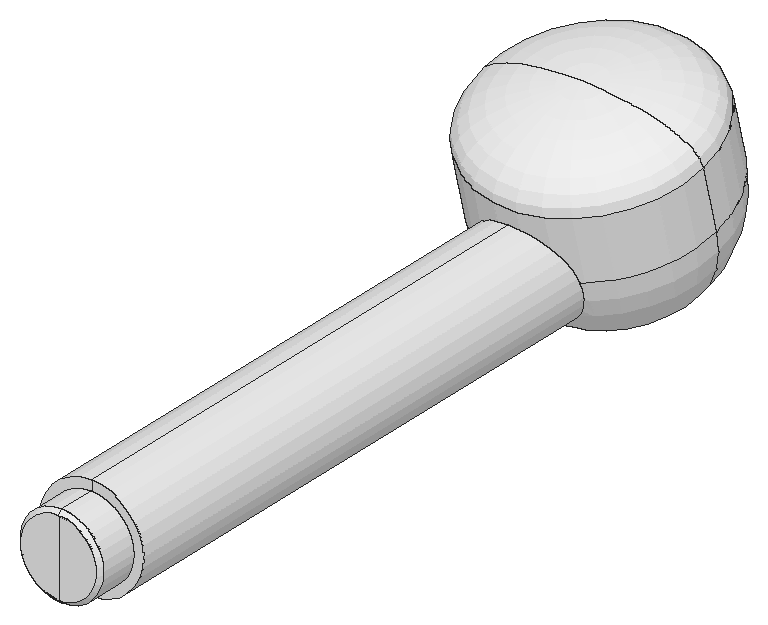
Revit family "Deca_Ducha Manual Max_4892.C", category Plumbing Fixtures, host Face, Revit 2010
Parameters (values of type "4892.C_Cromado CR10")
  WFU = 0
  Vendido Separadamente = ""
  Variações de COR = "Cromado (4892.C)"  # constant formula
  URL = "www.deca.com.br/produtos"
  Segmento = "Competitivo"  # constant formula
  Raio Ponto de Agua = 7.5 mm  # constant formula
  Produto = "Ducha manual Max"  # constant formula
  Pressão = "2 a 40 mca"  # constant formula
  Peso Liquido (Kg) = 0.1
  Norma = "ABNT NBR 15206:2005"  # constant formula
  Model = Código  # "4892.C"
  Material = "Deca_Latão Cromado e Plástico de Engenharia"  # constant formula
  Manufacturer = "Deca"  # constant formula
  Louça/Metais = "Metal"  # constant formula
  Linha = "Max"  # constant formula
  Informações Complementares = "Recomendável com pressão mínima de 4 m.c.a para aquecedor de passagem e de 2 m.c.a. para aquecedor de acumulação. "  # constant formula
  HWFU = 0
  Flow Pressure = 0.00 psi
  Ducha Manual = Deca CR10 Cromado Metal
  Diâmetro Ponto de Agua = Raio Ponto de Agua * 2  # 15 mm
  Description = "Ducha  manual"  # constant formula
  Default Elevation = 2000 mm
  Código = "4892.C"
  Criado por = "Contino/quattroD"  # constant formula
  Consumo = "Varia com a pressão (consultar catálogo)"  # constant formula
  Atendimento ao Cliente = "0800-0117073 "  # constant formula
  Assembly Code = "D2010700"
  Aprovado por = "Contino/quattroD"  # constant formula
  Acompanha o Produto = ""
Reference planes
  plane 1 "Center (Front/Back)": y = 0
  plane 2: z = 0
  plane 3 "Center (Left/Right)": x = 0
  plane 4 "Right 1": x = 27.48
  plane 5 "Left 1": x = -27.48
  plane 6 "Front 2": z = 104.814
  plane 7 "Top 1": y = 136.722
  plane 8 "Top 2": y = 194.998
  plane 9 "Front 1": z = 49.625
Forms (mm)
  Revolve 1, solid, material "Deca CR10 Cromado Metal" <- "Ducha Manual"
    sketch origin (0, 148.086, 152.962) x (1, 0, 0) y (0, 0.248158, -0.96872)
      loop
        arc (0, 105.77) -> (-19.438, 97.722) -> (-27.49, 78.285) r 27.485
        line (-27.49, 78.285) -> (-27.49, 62.049)
        spline (-27.49, 62.049) -> (-27.255, 60.622) -> (-26.553, 59.22) -> (-25.398, 57.867) -> (-23.807, 56.585) -> (-21.809, 55.396) -> (-19.438, 54.322) -> (-16.735, 53.379) -> (-13.745, 52.585) -> (-10.52, 51.953) -> (-7.115, 51.494) -> (-3.588, 51.215) -> (0, 51.122)
        line (0, 51.122) -> (0, 105.77)
      axis (0, 105.77) -> (0, 51.122)
    angle from 0 to 360
  Revolve 2, solid, material "Deca CR10 Cromado Metal" <- "Ducha Manual"
    sketch origin (0, 0, 0) x (0, 1, 0) y (0, 0, 1)
      loop
        line (0, 69.258) -> (155, 69.258) -> (155, 81.977) -> (10, 81.977) -> (10, 79.583) -> (1, 79.583) -> (0, 78.583) -> (0, 69.258)
      axis (0, 69.258) -> (155, 69.258)
    angle from 0 to 360
Cuts and joins
  joined: Revolve 1, Revolve 2
Lines and regions (mm)
  Masking region 1
    outline origin (-225.646, 5.868, 0) x (1, 0, 0) y (0, 1, 0)
      loop
        line (212.927, 134.139) -> (212.927, 4.132) -> (215.321, 4.132) -> (215.321, -4.868) -> (216.321, -5.868) -> (234.971, -5.868) -> (235.971, -4.868) -> (235.971, 4.132) -> (238.366, 4.132) -> (238.366, 134.139)
        spline (238.366, 134.139) -> (247.586, 142.429) -> (252.563, 154.115) -> (252.335, 166.936) -> (246.945, 178.414) -> (237.435, 186.328) -> (225.646, 189.148) -> (213.857, 186.328) -> (204.348, 178.414) -> (198.958, 166.936) -> (198.729, 154.115) -> (203.706, 142.429) -> (212.927, 134.139)
  Masking region 2
    outline origin (-127.21, 0, -38.974) x (1, 0, 0) y (0, 0, 1)
      loop
        arc (99.73, 116.078) -> (127.21, 88.598) -> (154.69, 116.078) r 27.48
        line (154.69, 116.078) -> (154.69, 132.715)
        spline (154.69, 132.715) -> (153.754, 135.544) -> (151.008, 138.181) -> (146.641, 140.445) -> (140.95, 142.183) -> (134.322, 143.275) -> (127.21, 143.648) -> (120.098, 143.275) -> (113.47, 142.183) -> (107.779, 140.445) -> (103.411, 138.181) -> (100.666, 135.544) -> (99.73, 132.715)
        line (99.73, 132.715) -> (99.73, 116.078)
  Masking region 3
    outline origin (0, -240.077, -132.949) x (0, 1, 0) y (0, 0, 1)
      loop
        line (240.077, 192.882) -> (241.077, 191.882) -> (250.077, 191.882) -> (250.077, 189.487) -> (387.991, 189.487)
        arc (387.991, 189.487) -> (389.008, 189.309) -> (389.904, 188.796) r 3
        arc (389.904, 188.796) -> (421.836, 186.483) -> (434.374, 215.942) r 27.537
        line (434.374, 215.942) -> (430.127, 232.975)
        spline (430.127, 232.975) -> (428.619, 235.155) -> (425.396, 236.733) -> (420.679, 237.603) -> (414.788, 237.703) -> (408.125, 237.029) -> (401.145, 235.625) -> (394.323, 233.588) -> (388.124, 231.055) -> (382.97, 228.201) -> (379.213, 225.219) -> (377.108, 222.312) -> (376.8, 219.679)
        line (376.8, 219.679) -> (377.055, 218.657)
        arc (377.055, 218.657) -> (376.512, 216.083) -> (374.15, 214.927) r 3
        line (374.15, 214.927) -> (250.077, 214.927) -> (250.077, 212.532) -> (241.077, 212.532) -> (240.077, 211.532) -> (240.077, 192.882)
  symbolic lines
    curve 1: arc (-12.72, 140.007, 0) -> (0, 136.691, 0) -> (12.72, 140.007, 0) r 26.056
    curve 2: line (-10.325, 10, 0) -> (10.325, 10, 0)
    curve 3: arc (-27.273, 165.977, 0) -> (-0.312, 190.105, 0) -> (27.223, 166.634, 0) r 27.5
    curve 4: arc (-26.98, 162.607, 0) -> (0.02, 189.607, 0) -> (27.02, 162.607, 0) r 27
    curve 5: arc (-9.256, 138.39, 0) -> (-0.243, 134.304, 0) -> (8.839, 138.236, 0) r 12.214
    curve 6: spline (-27.48, 0, 77.105) -> (-26.544, 0, 78.826) -> (-23.798, 0, 80.43) -> (-19.431, 0, 81.807) -> (-13.74, 0, 82.864) -> (-7.112, 0, 83.528) -> (0, 0, 83.755) -> (7.112, 0, 83.528) -> (13.74, 0, 82.864) -> (19.431, 0, 81.807) -> (23.798, 0, 80.43) -> (26.544, 0, 78.826) -> (27.48, 0, 77.105)
    curve 7: spline (-27.48, 0, 93.741) -> (-26.544, 0, 95.714) -> (-23.798, 0, 97.553) -> (-19.431, 0, 99.132) -> (-13.74, 0, 100.343) -> (-7.112, 0, 101.105) -> (0, 0, 101.365) -> (7.112, 0, 101.105) -> (13.74, 0, 100.343) -> (19.431, 0, 99.132) -> (23.798, 0, 97.553) -> (26.544, 0, 95.714) -> (27.48, 0, 93.741)
    curve 8: spline (-27.48, 0, 93.741) -> (-26.544, 0, 95.461) -> (-23.798, 0, 97.063) -> (-19.431, 0, 98.439) -> (-13.74, 0, 99.494) -> (-7.112, 0, 100.158) -> (0, 0, 100.384) -> (7.112, 0, 100.158) -> (13.74, 0, 99.494) -> (19.431, 0, 98.439) -> (23.798, 0, 97.063) -> (26.544, 0, 95.461) -> (27.48, 0, 93.741)
    curve 9: line (0, 10, 58.933) -> (0, 10, 79.583)
    curve 10: line (0, 136.701, 87.53) -> (0, 189.669, 100.736)
    curve 11: line (0, 190.05, 100.026) -> (0, 136.722, 86.73)
    curve 12: line (0, 144.668, 71.04) -> (0, 194.198, 83.389)
    curve 13: arc (0, 144.668, 71.04) -> (0, 147.074, 63.384) -> (0, 149.827, 55.847) r 175.687
    curve 14: arc (0, 147.914, 56.538) -> (0, 144.937, 63.087) -> (0, 142.294, 69.779) r 142.462
    curve 15: arc (0, 142.294, 69.779) -> (0, 138.925, 76.378) -> (0, 134.072, 81.977) r 30.68
    curve 16: arc (0, 136.886, 83.949) -> (0, 141.305, 77.813) -> (0, 144.668, 71.04) r 46.341
Dimensions and locks
  plane 5 "Left 1" to plane 4 "Right 1" = 54.96 mm
  plane 8 "Top 2" to plane 7 "Top 1" to plane 1 "Center (Front/Back)" = 58.275 mm, 136.722 mm
  plane 8 "Top 2" to plane 1 "Center (Front/Back)" = 194.998 mm
  plane 4 "Right 1" to plane 5 "Left 1" = 54.96 mm
  plane 6 "Front 2" to plane 9 "Front 1" to host face = 55.189 mm, 49.625 mm  (x2)
  plane 6 "Front 2" to host face = 104.814 mm  (x2)
  plane 1 "Center (Front/Back)" to plane 7 "Top 1" to plane 8 "Top 2" = 136.722 mm, 58.275 mm
  plane 1 "Center (Front/Back)" to plane 8 "Top 2" = 194.998 mm
  aligned and locked: host face to plane 2
  aligned and locked: level to host face
Connectors
  piping at (0, 0, 69.258), driven by "Flow Pressure", driven by "Raio Ponto de Agua"
    settings: on cut or joined group of Revolve 1, Revolve 2, index 1, connector radius 0.29528", flow factor 0, pipe flow 0 GPM, pressure drop 0.00 psi, fitting loss kfactor 0, connector angle 0.00°, fixture units 0, engagement length 0 mm, flow configuration 3, flow direction 1, fitting loss method 4, system type 29, joint type 0, gender type 0, connector reference index -1, connector utility 0, adjustable connector no, is connector primary yes, fitting loss table "", connector description ""
